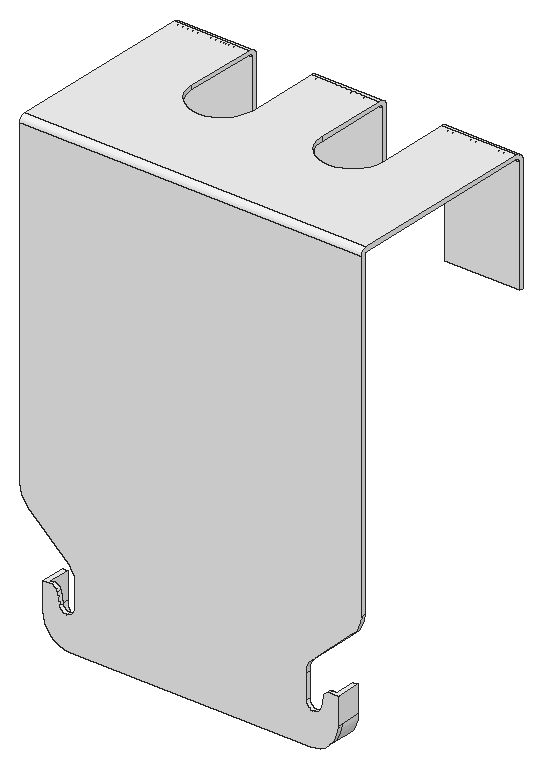
Revit family "wclip_65", category 機械設備, Revit 2022
Family settings
  丸型コネクタ寸法 = 直径を使用
  種別 = なし
  パーツ タイプ = 標準
  作業面ベース = いいえ
  常に垂直 = はい
  ロード時にボイドで切り取り = いいえ
  注釈の向きを維持 = いいえ
  共有 = いいえ
  部屋計算ポイント = いいえ
Parameters
  製造元 = "株式会社桐井製作所"
  既定の高さ = 0 mm
  URL = "https://www.kirii.co.jp/"
  K_品名 = "特殊65mmWクリップ"
  K_名称 = "特殊クリップ"
  K_入数 = "300"
  K_バージョン情報 = "20211012"
Reference planes
  plane 1 "中心(正面/背面)": y = 0
  plane 2: z = 0
  plane 3 "中心(左/右)": x = 0
Forms (mm)
  Extrusion 1, solid
    sketch origin (0, 30, 0) x (0, 1, 0) y (0, 0, 1)
      loop
        line (-30, 0) -> (-29.4, -0.6) -> (-29.4, 73.9) -> (1.25, 73.9)
        arc (1.25, 73.9) -> (1.71, 73.71) -> (1.9, 73.25) r 0.65
        line (1.9, 73.25) -> (1.9, 54.15) -> (2.5, 54.75) -> (2.5, 73.25)
        arc (2.5, 73.25) -> (2.134, 74.134) -> (1.25, 74.5) r 1.25
        line (1.25, 74.5) -> (-29, 74.5)
        arc (-29, 74.5) -> (-29.707, 74.207) -> (-30, 73.5) r 1
        line (-30, 73.5) -> (-30, 0)
    from -27.5 to 27.5
  Extrusion 2, void
    sketch origin (0, 0, 0) x (1, 0, 0) y (0, 0, 1)
      loop
        line (-27.5, 21.576) -> (-27.5, 0) -> (-19.3, 0)
        arc (-19.3, 0) -> (-22.482, 1.318) -> (-23.8, 4.5) r 4.5
        line (-23.8, 4.5) -> (-23.8, 8.8) -> (-22.426, 8.8)
        arc (-22.426, 8.8) -> (-21.789, 8.571) -> (-21.444, 7.989) r 1
        line (-21.444, 7.989) -> (-21.1, 6.2)
        arc (-21.1, 6.2) -> (-20.65, 5.55) -> (-19.9, 5.3) r 1.25
        arc (-19.9, 5.3) -> (-19.016, 5.666) -> (-18.65, 6.55) r 1.25
        line (-18.65, 6.55) -> (-18.65, 10.467)
        arc (-18.65, 10.467) -> (-18.908, 11.685) -> (-19.638, 12.693) r 3
        line (-19.638, 12.693) -> (-26.182, 18.609)
        arc (-26.182, 18.609) -> (-27.156, 19.953) -> (-27.5, 21.576) r 4
      loop
        arc (27.5, 21.576) -> (27.156, 19.953) -> (26.182, 18.609) r 4
        line (26.182, 18.609) -> (19.638, 12.693)
        arc (19.638, 12.693) -> (18.908, 11.685) -> (18.65, 10.467) r 3
        line (18.65, 10.467) -> (18.65, 6.55)
        arc (18.65, 6.55) -> (19.016, 5.666) -> (19.9, 5.3) r 1.25
        arc (19.9, 5.3) -> (20.65, 5.55) -> (21.1, 6.2) r 1.25
        line (21.1, 6.2) -> (21.444, 7.989)
        arc (21.444, 7.989) -> (21.789, 8.571) -> (22.426, 8.8) r 1
        line (22.426, 8.8) -> (23.8, 8.8) -> (23.8, 4.5)
        arc (23.8, 4.5) -> (22.482, 1.318) -> (19.3, 0) r 4.5
        line (19.3, 0) -> (27.5, 0) -> (27.5, 21.576)
    from -0.6 to 0.213
  Extrusion 3, void
    sketch origin (0, -0.6, -0.8) x (0, 1, 0) y (0, 0, 1)
      loop
        line (0.387, 0.8) -> (0.387, -0.064) -> (1.428, -0.064) -> (1.428, 0.8) -> (0.387, 0.8)
    from -27.5 to 27.5
  Extrusion 4, void
    sketch origin (0, 15.62, 34.954) x (0, 1, 0) y (0, 0, 1)
      loop
        line (15.7, 19.745) -> (15.7, 18.89) -> (16.88, 18.89) -> (16.88, 19.745) -> (15.7, 19.745)
    from -27.5 to 27.5
  Extrusion 5, void
    sketch origin (0, 0, 0) x (1, 0, 0) y (0, 1, 0)
      loop
        line (-15.5, 32.5) -> (-15.5, 19.508)
        arc (-15.5, 19.508) -> (-10.5, 14.508) -> (-5.5, 19.508) r 5
        line (-5.5, 19.508) -> (-5.5, 32.5) -> (-15.5, 32.5)
      loop
        line (5.5, 32.5) -> (5.5, 19.477)
        arc (5.5, 19.477) -> (10.5, 14.477) -> (15.5, 19.477) r 5
        line (15.5, 19.477) -> (15.5, 32.5) -> (5.5, 32.5)
    from 54.7 to 74.5
  Extrusion 6, solid
    sketch origin (0, 0, 0) x (1, 0, 0) y (0, 0, 1)
      loop
        line (23.8, 8.8) -> (23, 8.8) -> (23, 4.5)
        arc (23, 4.5) -> (21.916, 1.884) -> (19.3, 0.8) r 3.7
        line (19.3, 0.8) -> (-19.3, 0.8)
        arc (-19.3, 0.8) -> (-21.916, 1.884) -> (-23, 4.5) r 3.7
        line (-23, 4.5) -> (-23, 8.8) -> (-23.8, 8.8) -> (-23.8, 4.5)
        arc (-23.8, 4.5) -> (-22.482, 1.318) -> (-19.3, 0) r 4.5
        line (-19.3, 0) -> (19.3, 0)
        arc (19.3, 0) -> (22.482, 1.318) -> (23.8, 4.5) r 4.5
        line (23.8, 4.5) -> (23.8, 8.8)
    from -4 to -0.6
Cuts and joins
  Extrusion 2, Extrusion 3, Extrusion 4, Extrusion 5 cuts Extrusion 1
  joined: Extrusion 1, Extrusion 6
Dimensions and locks
  aligned and locked: level to plane 2
Automatic sketch dimensions
  Extrusion 1 sketch curve to Extrusion 1 sketch curve = 0 mm  (x3)
  Extrusion 1 sketch curve to plane 1 "中心(正面/背面)" = 0 mm
  Extrusion 1 sketch curve to level = 0 mm
  Extrusion 1 sketch curve to plane 1 "中心(正面/背面)" = 0.6 mm
  Extrusion 1 sketch curve to Extrusion 1 sketch curve = 0.4 mm
  Extrusion 1 sketch curve to Extrusion 1 sketch curve = 30.25 mm
  Extrusion 1 sketch curve to Extrusion 1 sketch curve = 0.65 mm
  Extrusion 1 sketch curve to Extrusion 1 sketch curve = 0.6 mm  (x2)
  Extrusion 1 sketch curve to level = 0.6 mm
  level to Extrusion 1 sketch curve = 54.15 mm
  Extrusion 1 sketch curve to Extrusion 1 sketch curve = 18.5 mm
  Extrusion 2 sketch curve to Extrusion 2 sketch curve = 0 mm  (x4)
  Extrusion 2 sketch curve to level = 0 mm  (x2)
  Extrusion 2 sketch curve to plane 3 "中心(左/右)" = 27.5 mm
  level to Extrusion 2 sketch curve = 18.609 mm
  Extrusion 2 sketch curve to Extrusion 2 sketch curve = 1.318 mm
  Extrusion 2 sketch curve to Extrusion 2 sketch curve = 3.7 mm  (x2)
  Extrusion 2 sketch curve to Extrusion 2 sketch curve = 2.682 mm  (x2)
  Extrusion 2 sketch curve to Extrusion 2 sketch curve = 1.374 mm  (x2)
  Extrusion 2 sketch curve to Extrusion 2 sketch curve = 0.776 mm
  level to Extrusion 2 sketch curve = 7.989 mm  (x2)
  Extrusion 2 sketch curve to Extrusion 2 sketch curve = 0.982 mm  (x2)
  level to Extrusion 2 sketch curve = 6.2 mm  (x2)
  Extrusion 2 sketch curve to Extrusion 2 sketch curve = 0.344 mm  (x2)
  Extrusion 2 sketch curve to Extrusion 2 sketch curve = 1.2 mm  (x2)
  level to Extrusion 2 sketch curve = 12.693 mm  (x2)
  Extrusion 2 sketch curve to Extrusion 2 sketch curve = 2.012 mm
  Extrusion 2 sketch curve to Extrusion 2 sketch curve = 0.6 mm
  Extrusion 2 sketch curve to Extrusion 2 sketch curve = 1.25 mm  (x2)
  plane 3 "中心(左/右)" to Extrusion 2 sketch curve = 18.65 mm
  Extrusion 2 sketch curve to Extrusion 2 sketch curve = 0.65 mm
  Extrusion 2 sketch curve to Extrusion 2 sketch curve = 0.988 mm
  Extrusion 2 sketch curve to Extrusion 2 sketch curve = 0.206 mm
  Extrusion 2 sketch curve to Extrusion 2 sketch curve = 3.862 mm
  Extrusion 2 sketch curve to Extrusion 2 sketch curve = 0.189 mm  (x2)
  Extrusion 2 sketch curve to Extrusion 2 sketch curve = 5.916 mm
  Extrusion 3 sketch curve to level = 0 mm
  plane 1 "中心(正面/背面)" to Extrusion 3 sketch curve = 0.213 mm
  Extrusion 3 sketch curve to plane 1 "中心(正面/背面)" = 0.828 mm
  Extrusion 3 sketch curve to level = 0.865 mm
  Extrusion 4 sketch curve to plane 1 "中心(正面/背面)" = 31.321 mm
  Extrusion 4 sketch curve to Extrusion 4 sketch curve = 1.179 mm
  level to Extrusion 4 sketch curve = 53.844 mm
  Extrusion 4 sketch curve to Extrusion 4 sketch curve = 0.856 mm
  Extrusion 6 sketch curve to Extrusion 6 sketch curve = 0 mm  (x4)
  Extrusion 6 sketch curve to level = 0 mm
  level to Extrusion 6 sketch curve = 8.8 mm
  Extrusion 6 sketch curve to plane 3 "中心(左/右)" = 23.8 mm
  Extrusion 6 sketch curve to Extrusion 6 sketch curve = 0.8 mm
  Extrusion 6 sketch curve to Extrusion 6 sketch curve = 3.7 mm  (x2)
  plane 3 "中心(左/右)" to Extrusion 6 sketch curve = 19.3 mm
  Extrusion 6 sketch curve to Extrusion 6 sketch curve = 4.3 mm
  Extrusion 5 sketch curve to plane 3 "中心(左/右)" = 15.5 mm
  Extrusion 5 sketch curve to Extrusion 5 sketch curve = 5 mm  (x2)
  plane 3 "中心(左/右)" to Extrusion 5 sketch curve = 5.5 mm
  Extrusion 5 sketch curve to plane 1 "中心(正面/背面)" = 19.477 mm
  Extrusion 5 sketch curve to plane 1 "中心(正面/背面)" = 19.508 mm
  Extrusion 5 sketch curve to Extrusion 5 sketch curve = 12.992 mm
  Extrusion 5 sketch curve to Extrusion 5 sketch curve = 13.023 mm
